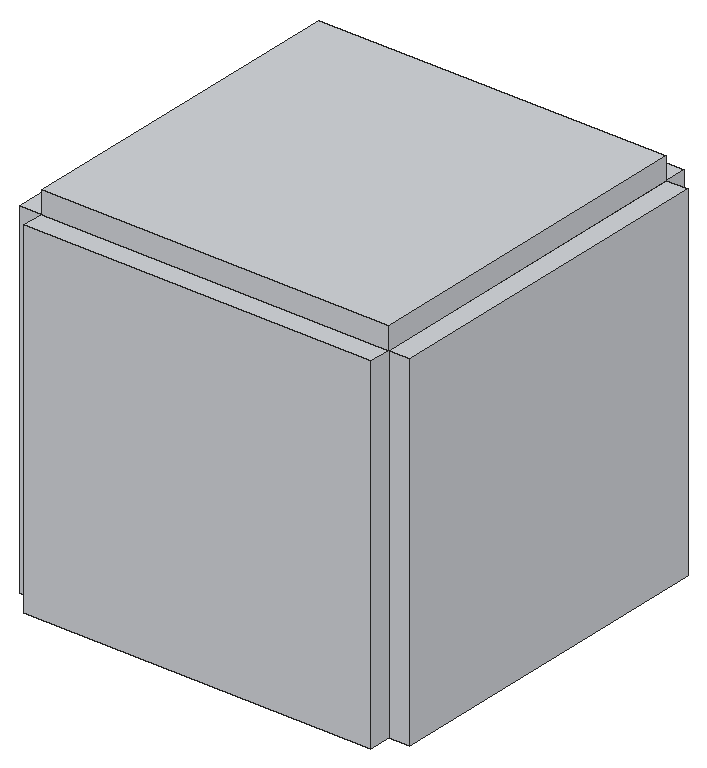
Revit family "Box Union", category Duct Fittings, Revit 2025
Family settings
  Round Connector Dimension = Use Diameter
  Part Type = Tee
  OmniClass Number = 23.75.70.14
  OmniClass Title = Air Ductwork
  Work Plane-Based = No
  Always vertical = Yes
  Cut with Voids When Loaded = No
  Shared = No
Parameters (values of type "Standard")
  Width' [instance] = Width / 2  # 8"
  Width [instance] = 16"
  X [instance] = 1"
  Top [instance] = yes
  Right [instance] = yes
  Left [instance] = yes
  Height' [instance] = Height / 2  # 8"
  Height [instance] = 16"
  Front [instance] = yes
  Depth' [instance] = Depth / 2  # 8"
  Depth [instance] = 16"
  Default Elevation = 0"
  Back [instance] = yes
Reference planes (in)
  plane 1 "Center (Front/Back)": y = 0
  plane 2: z = 0
  plane 3 "Center (Left/Right)": x = 0
  plane 4: z = 16
Forms (in)
  Extrusion 1, solid
    sketch origin (0, 0, 0) x (1, 0, 0) y (0, 1, 0)
      loop
        line (-8, 8) -> (-8, -8) -> (8, -8) -> (8, 8) -> (-8, 8)
    from 0 to 16
  Extrusion 2, solid, visible <- "Front"
    sketch origin (0, 0, 0) x (1, 0, 0) y (0, 1, 0)
      loop
        line (-8, 9) -> (-8, 8) -> (8, 8) -> (8, 9) -> (-8, 9)
    from 0 to 16
  Extrusion 3, solid, visible <- "Left"
    sketch origin (0, 0, 0) x (1, 0, 0) y (0, 1, 0)
      loop
        line (-8, -8) -> (-8, 8) -> (-9, 8) -> (-9, -8) -> (-8, -8)
    from 0 to 16
  Extrusion 4, solid, visible <- "Back"
    sketch origin (0, 0, 0) x (1, 0, 0) y (0, 1, 0)
      loop
        line (-8, -8) -> (-8, -9) -> (8, -9) -> (8, -8) -> (-8, -8)
    from 0 to 16
  Extrusion 5, solid, visible <- "Right"
    sketch origin (0, 0, 0) x (1, 0, 0) y (0, 1, 0)
      loop
        line (8, 8) -> (8, -8) -> (9, -8) -> (9, 8) -> (8, 8)
    from 0 to 16
  Extrusion 6, solid, visible <- "Top"
    sketch origin (0, 0, 0) x (1, 0, 0) y (0, 1, 0)
      loop
        line (-8, 8) -> (-8, -8) -> (8, -8) -> (8, 8) -> (-8, 8)
    from 16 to 17
Dimensions and locks (in)
  equal spacing: Extrusion 1 sketch curve, plane 3 "Center (Left/Right)", Extrusion 1 sketch curve
  equal spacing: Extrusion 1 sketch curve, plane 1 "Center (Front/Back)", Extrusion 1 sketch curve
  "Width": Extrusion 1 sketch curve to Extrusion 1 sketch curve
  "Depth": Extrusion 1 sketch curve to Extrusion 1 sketch curve
  "Height": plane 4 to plane 2
  equal spacing: Extrusion 3 sketch curve, plane 1 "Center (Front/Back)", Extrusion 3 sketch curve
  "Depth": Extrusion 3 sketch curve to Extrusion 3 sketch curve
  "Width'": Extrusion 3 sketch curve to plane 3 "Center (Left/Right)"
  "X": Extrusion 3 sketch curve to Extrusion 1
  equal spacing: Extrusion 4 sketch curve, plane 3 "Center (Left/Right)", Extrusion 4 sketch curve
  "X": Extrusion 4 sketch curve to Extrusion 4 sketch curve
  "Depth'": Extrusion 4 sketch curve to plane 1 "Center (Front/Back)"
  "X": Extrusion 5 sketch curve to Extrusion 5 sketch curve
  equal spacing: Extrusion 5 sketch curve, plane 1 "Center (Front/Back)", Extrusion 5 sketch curve
  "Width'": plane 3 "Center (Left/Right)" to Extrusion 5 sketch curve
  "Depth": Extrusion 5 sketch curve to Extrusion 5 sketch curve
  "Width": Extrusion 4 sketch curve to Extrusion 4 sketch curve
  equal spacing: Extrusion 6 sketch curve, plane 3 "Center (Left/Right)", Extrusion 6 sketch curve
  equal spacing: Extrusion 6 sketch curve, plane 1 "Center (Front/Back)", Extrusion 6 sketch curve
  "Width": Extrusion 6 sketch curve to Extrusion 6 sketch curve
  "Depth": Extrusion 6 sketch curve to Extrusion 6 sketch curve
  "X": Extrusion 6 to plane 4
  "Depth'": Extrusion 2 sketch curve to plane 1 "Center (Front/Back)"
  "X": Extrusion 2 sketch curve to Extrusion 2 sketch curve
  equal spacing: Extrusion 2 sketch curve, plane 3 "Center (Left/Right)", Extrusion 2 sketch curve
  "Width": Extrusion 2 sketch curve to Extrusion 2 sketch curve
  aligned and locked: plane 4 to Extrusion 1
  aligned and locked: plane 4 to Extrusion 4
  aligned and locked: plane 4 to Extrusion 2
  aligned and locked: plane 4 to Extrusion 5
  aligned and locked: plane 4 to Extrusion 3
  aligned and locked: Extrusion 6 to plane 4
Connectors (in)
  hvac at (0, -9, 8), driven by "Height", driven by "Width"
    settings: on Extrusion 4, index 3, duct flow 0 CFM, flow factor 0, pres drop 0.00 in-wg, loss coef 0, conn angle 0.00°, conn width 16", conn height 16", conn diameter 24", duct sys type 28, conn prof type 1, flow config 0, flow direction 0, loss method 0, conn ref index -1, conn util no, is conn primary yes, conn desc ""
  hvac at (9, 0, 8), driven by "Height", driven by "Width"
    settings: on Extrusion 5, index 4, duct flow 0 CFM, flow factor 0, pres drop 0.00 in-wg, loss coef 0, conn angle 0.00°, conn width 16", conn height 16", conn diameter 24", duct sys type 28, conn prof type 1, flow config 0, flow direction 0, loss method 0, conn ref index -1, conn util no, is conn primary no, conn desc ""
  hvac at (0, 9, 8), driven by "Height", driven by "Width"
    settings: on Extrusion 2, index 5, duct flow 0 CFM, flow factor 0, pres drop 0.00 in-wg, loss coef 0, conn angle 0.00°, conn width 16", conn height 16", conn diameter 24", duct sys type 28, conn prof type 1, flow config 0, flow direction 0, loss method 0, conn ref index -1, conn util no, is conn primary no, conn desc ""
  hvac at (-9, 0, 8), driven by "Height", driven by "Width"
    settings: on Extrusion 3, index 6, duct flow 0 CFM, flow factor 0, pres drop 0.00 in-wg, loss coef 0, conn angle 0.00°, conn width 16", conn height 16", conn diameter 24", duct sys type 28, conn prof type 1, flow config 0, flow direction 0, loss method 0, conn ref index -1, conn util no, is conn primary no, conn desc ""
  hvac at (0, 0, 17), driven by "Height", driven by "Width"
    settings: on Extrusion 6, index 7, duct flow 0 CFM, flow factor 0, pres drop 0.00 in-wg, loss coef 0, conn angle 0.00°, conn width 16", conn height 16", conn diameter 24", duct sys type 28, conn prof type 1, flow config 0, flow direction 0, loss method 0, conn ref index -1, conn util no, is conn primary no, conn desc ""
